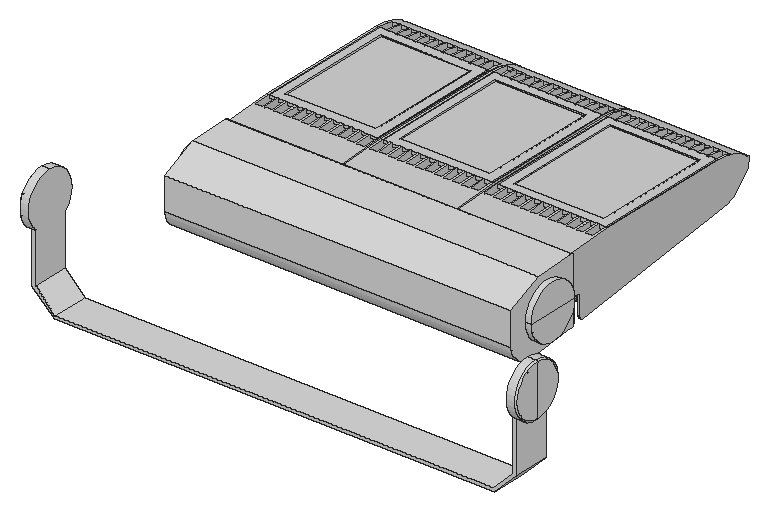
Revit family "0049125 Feilo Sylvania Lighting Fixture SYLVEO LED 30000LM WIDE 4K", category Lighting Fixtures, host Face, Revit 2017
Family settings
  Host = Face
  Round Connector Dimension = Use Diameter
  Part Type = Normal
  OmniClass Number = 23.80.70.00
  OmniClass Title = Lighting
  Cut with Voids When Loaded = No
  Light Source = No
  Shared = Yes
  Room Calculation Point = No
Parameters (values of type "0049125 SYLVEO LED 30000LM WIDE 4K")
  Weight = "15.852 kg"
  Wattage Comments = "n/a"
  WarrantyStartDate [instance] = "n/a"
  WarrantyGuarantorParts = "n/a"
  WarrantyDurationUnit = "n/a"
  WarrantyDurationParts = "n/a"
  WarrantyDescription = "n/a"
  Voltage = 230 V
  URL = "http://www.sylvania-lighting.com"
  TypeName = "SYLVEO LED 30000LM WIDE 4K"
  TypeBody_FEILO = Sylveo Extra Large Body : 0049125 SYLVEO LED 30000LM WIDE 4K
  Type Image = <None>
  Type Comments = "n/a"
  TotalWidth_FEILO = 648 mm
  TiltAngle_FEILO [instance] = 0.00°
  StartAngle_FEILO [instance] = -TiltAngle_FEILO  # 0.00°
  SerialNumber [instance] = "n/a"
  PowerFactor = 0
  PowerConsumption = "300.9 W"
  NominalWidth = 0 mm
  NominalLength = 648 mm
  NominalHeight = 392 mm
  Name = "SYLVEO LED 30000LM WIDE 4K"
  ModelReference = "SYLVEO LED 30000LM WIDE 4K"
  ModelNumber = "0049125"
  Material = "aluminium housing, glass diffuser"
  ManufacturerName = "Feilo Sylvania"
  LuminousEfficacy = "106.6 lm/W"
  LuminaireType = ""
  LightOutputRatio = "100"
  LampsType = Lamp  # "LED"
  LampNominalLuminous = "32076 lm"
  LampMacAdamStep = "6"
  LampColourTemperature = "4000 K"
  LampColourRenderingIndex = "70"
  InstallationDate [instance] = "n/a"
  InputVoltage = "100-240V~"
  InputNominalFrequency = "50 Hz"
  IngressProtection = "IP66"
  ImpactProtectionIndex = "IK08"
  IfcExportType = "IfcLightFixtureType"
  IfcExportAs = "IfcLightFixtureType"
  HingeHeight_FEILO = 121 mm
  HingeDia_FEILO = 70 mm
  ExpectedLife = 50000
  EndAngle_FEILO [instance] = StartAngle_FEILO + 180.00°  # 180.00°
  Material_3_FEILO = none
  Model = "SYLVEO LED 30000LM WIDE 4K"
  Manufacturer = "Feilo Sylvania"
  Lamp = "LED"
  Keynote = "16500"
  Material_2_FEILO = none
  ElectricShockClassification = "Class I"
  DurationUnit = "hours"
  DocumentationLiterature = "http://www.sylvania-lighting.com/product/en-int/products/0049125"
  DimmingControlOptions = "Non dimmable"
  Description = "Exterior LED Floodlight, comes complete with a 1000mm cable and adjustable bracket, aluminium housing, clear glass diffuser, IP66, IK08, Class I, 4000K, Non-dimming, 32076lm, 301W, 107lm/W, 8400mA, CRI70, 52° beam angle, 50000hrs, (LxWxD) 98x648x392mm"
  Default Elevation = 1219.2 mm
  CreatedOn = "12/18/2017"
  CreatedBy = ""
  Cost = 0
  built-in parameter 1114216 [instance] = (empty or 0)
  ClassificationValue = "EF_70_80"
  ClassificationName = "Uniclass2015"
  BracketWidth_FEILO = 48 mm
  BracketThickness_FEILO = 4.5 mm
  BracketInnerWidth_FEILO = 623 mm
  BracketFold_FEILO = 30 mm
  BracketExtrusionStart_FEILO = -BracketWidth_FEILO / 2  # -24 mm
  BracketExtrusionEnd_FEILO = BracketWidth_FEILO / 2  # 24 mm
  Material_1_FEILO = Body-Sylvania-Sylveo-Aluminium
  BarCode [instance] = "n/a"
  AssetType = "Fixed"
  AssetIdentifier [instance] = "n/a"
  Assembly Code = "D5020200"
  Apparent Load = 300.9 VA
  Material_4_FEILO = none
Reference planes
  plane 1 "Center (Front/Back)": y = 0
  plane 2: z = 0
  plane 3 "Center (Left/Right)": x = 0
  plane 4: x = 311.5
  plane 5: x = -311.5
  plane 6: z = 121
  plane 7: x = 324
  plane 8: x = -324
  plane 9: z = 156
  plane 10: z = 86
  plane 11: x = 322
  plane 12: x = -322
  plane 13: x = 316
  plane 14: x = -316
  plane 15: z = 4.5
  plane 16: z = 30
  plane 17: x = 286
  plane 18: x = -286
  plane 19: z = 88
Forms (mm)
  Extrusion 1, solid, material "Body-Sylvania-Sylveo-Aluminium" <- "Material_1_FEILO"
    sketch origin (0, 0, 0) x (1, 0, 0) y (0, 0, 1)
      loop
        line (0, 4.5) -> (0, 0) -> (286.828, 0) -> (316, 29.172) -> (316, 121) -> (311.5, 121) -> (311.5, 30) -> (286, 4.5) -> (0, 4.5)
    from -24 <- "BracketExtrusionStart_FEILO" to 24 <- "BracketExtrusionEnd_FEILO"
  Extrusion 2, solid, material "Body-Sylvania-Sylveo-Aluminium" <- "Material_1_FEILO"
    sketch origin (0, 0, 0) x (-1, 0, 0) y (0, 0, -1)
      loop
        line (0, -4.5) -> (286, -4.5) -> (311.5, -30) -> (311.5, -121) -> (316, -121) -> (316, -29.172) -> (286.828, 0) -> (0, 0) -> (0, -4.5)
    from -24 <- "BracketExtrusionStart_FEILO" to 24 <- "BracketExtrusionEnd_FEILO"
  Revolve 3, solid, material "Body-Sylvania-Sylveo-Aluminium" <- "Material_1_FEILO"
    sketch origin (0, 0, 0) x (1, 0, 0) y (0, 0, 1)
      loop
        line (-311.5, 121) -> (-324, 121) -> (-324, 88) -> (-322, 86) -> (-311.5, 86) -> (-311.5, 121)
      axis (-311.5, 121) -> (-324, 121)
    angle from 0 to 360
  Revolve 4, solid, material "Body-Sylvania-Sylveo-Aluminium" <- "Material_1_FEILO"
    sketch origin (0, 0, 0) x (-1, 0, 0) y (0, 0, 1)
      loop
        line (-311.5, 121) -> (-324, 121) -> (-324, 88) -> (-322, 86) -> (-311.5, 86) -> (-311.5, 121)
      axis (-311.5, 121) -> (-324, 121)
    angle from 0 to 360
  Revolve 5, solid, not visible
    sketch origin (181.107, 0, 121) x (1, 0, 0) y (0, 1, 0)
      loop
        line (-191.101, 0) -> (-171.112, 0) -> (-171.112, 10) -> (-191.101, 10) -> (-191.101, 0)
      axis (-171.112, 0) -> (-191.101, 0)
    angle from 0 <- "StartAngle_FEILO" to 180 <- "EndAngle_FEILO"
Cuts and joins
  joined: Extrusion 1, Extrusion 2, Revolve 3, Revolve 4
Dimensions and locks
  equal spacing: plane 5, plane 3 "Center (Left/Right)", plane 4
  "BracketInnerWidth_FEILO": plane 5 to plane 4
  equal spacing: plane 7, plane 3 "Center (Left/Right)", plane 8
  "TotalWidth_FEILO": plane 7 to plane 8
  "HingeHeight_FEILO": plane 2 to plane 6
  equal spacing: plane 10, plane 6, plane 9
  "HingeDia_FEILO": plane 10 to plane 9
  equal spacing: plane 11, plane 3 "Center (Left/Right)", plane 12
  equal spacing: plane 13, plane 3 "Center (Left/Right)", plane 14
  "BracketFold_FEILO": plane 2 to plane 16
  "BracketThickness_FEILO": plane 2 to plane 15
  equal spacing: plane 17, plane 3 "Center (Left/Right)", plane 18
  locked: plane 19 to plane 10 at 2
  locked: Revolve 5 sketch curve to Revolve 5 sketch curve at 10
  equal spacing: Revolve 5 sketch curve, plane 3 "Center (Left/Right)", Revolve 5 sketch curve
  locked: Revolve 5 sketch curve to Revolve 5 sketch curve at 19.988
  locked: plane 7 to plane 11 at 2
  "BracketFold_FEILO": plane 13 to plane 17
  "BracketThickness_FEILO": plane 4 to plane 13
  aligned and locked: plane 2 to host face
  aligned and locked: level to host face
  aligned and locked: plane 10 to Revolve 3 sketch curve
  aligned and locked: Revolve 3 sketch curve to plane 8
  aligned and locked: plane 5 to Revolve 3 sketch curve
  aligned and locked: Revolve 3 sketch curve to plane 6  (x2)
  aligned and locked: Revolve 5 sketch curve to plane 1 "Center (Front/Back)"
  aligned and locked: plane 3 "Center (Left/Right)" to nested 1
Automatic sketch dimensions
  host sketch curve to host sketch curve = 2438.4 mm  (x2)
  Extrusion 1 sketch curve to plane 3 "Center (Left/Right)" = 0 mm  (x2)
  Extrusion 1 sketch curve to level = 0 mm  (x2)
  Extrusion 1 sketch curve to plane 15 = 0 mm
  Extrusion 1 sketch curve to plane 17 = 0 mm
  plane 4 to Extrusion 1 sketch curve = 0 mm
  Extrusion 1 sketch curve to plane 13 = 0 mm  (x2)
  Extrusion 1 sketch curve to plane 6 = 0 mm  (x2)
  Extrusion 1 sketch curve to plane 16 = 0 mm
  plane 17 to Extrusion 1 sketch curve = 0.828 mm
  Extrusion 1 sketch curve to plane 16 = 0.828 mm
  Extrusion 2 sketch curve to plane 3 "Center (Left/Right)" = 0 mm  (x2)
  Extrusion 2 sketch curve to level = 0 mm  (x2)
  Extrusion 2 sketch curve to plane 15 = 0 mm
  plane 18 to Extrusion 2 sketch curve = 0 mm
  plane 5 to Extrusion 2 sketch curve = 0 mm
  plane 14 to Extrusion 2 sketch curve = 0 mm  (x2)
  Extrusion 2 sketch curve to plane 6 = 0 mm  (x2)
  Extrusion 2 sketch curve to plane 16 = 0 mm
  Extrusion 2 sketch curve to plane 18 = 0.828 mm
  plane 16 to Extrusion 2 sketch curve = 0.828 mm
  plane 12 to Revolve 3 sketch curve = 0 mm
  Revolve 3 sketch curve to plane 19 = 0 mm
  plane 8 to Revolve 3 sketch curve = 77.715 mm
  plane 7 to Revolve 3 sketch curve = 78.607 mm
  Revolve 4 sketch curve to plane 6 = 0 mm  (x2)
  Revolve 4 sketch curve to plane 7 = 0 mm
  Revolve 4 sketch curve to plane 10 = 0 mm
  Revolve 4 sketch curve to plane 11 = 0 mm
  plane 4 to Revolve 4 sketch curve = 0 mm
  Revolve 4 sketch curve to plane 19 = 0 mm
  Revolve 4 sketch curve to Revolve 4 sketch curve = 77.715 mm
  Revolve 4 sketch curve to plane 8 = 78.607 mm
  plane 1 "Center (Front/Back)" to Revolve 5 sketch curve = 0 mm
  plane 8 to Revolve 5 sketch curve = 1421.5 mm
  plane 7 to Revolve 5 sketch curve = 1421.5 mm
Nested families
  nested 1: "Sylveo Extra Large Body" at (0, 137.375, 121), type <- "TypeBody_FEILO", type "0049125 SYLVEO LED 30000LM WIDE 4K"
    with Apparent Load 300.9 VA
Connectors
  electrical at (0, 0, 0), driven by "Apparent Load"
    settings: index 1, voltage 230 V, apparent load 300.9 VA, apparent load phase1 0 VA, apparent load phase2 0 VA, apparent load phase3 0 VA, power factor 0, load classification "Lighting", number of poles 1, system type 30, power factor state 1, is connector primary yes, connector utility no, sub classification motor no, connector description ""
Definition of nested family "Sylveo Extra Large Body"
  Parameters (values of type "0049147 SYLVEO LED 20000LM RASYM 4K DALI ")
    Weight = "11.516 kg"
    Wattage Comments = ""
    Wattage = 202 W
    WarrantyStartDate [instance] = "n/a"
    WarrantyGuarantorParts = "n/a"
    WarrantyDurationUnit = "n/a"
    WarrantyDurationParts = "n/a"
    WarrantyDescription = "n/a"
    built-in parameter 1150110 = 1 (stored number, unit not read)
    Voltage = 230 V
    URL = "http://www.feilosylvania.com"
    TypeName = "SYLVEO LED 20000LM RASYM 4K DALI"
    Type Image = (empty or 0)
    Type Comments = "n/a"
    built-in parameter 1114217 = 1 (stored number, unit not read)
    Tilt Angle = -90.00°
    built-in parameter 1150109 = 1 (stored number, unit not read)
    built-in parameter 1150134 = 12
    built-in parameter 1150113 = 1 (stored number, unit not read)
    SerialNumber [instance] = "n/a"
    Photometric Web File = "0049147.ies"
    Material_3_FEILO = none
    PowerFactor = 0.95
    PowerConsumption = "202 W"
    NominalLength = 98 mm
    NominalHeight = 392 mm
    NominalDepth = 496 mm
    Name = "SYLVEO LED 20000LM RASYM 4K DALI"
    ModelReference = Name  # "SYLVEO LED 20000LM RASYM 4K DALI"
    ModelNumber = "0049147"
    Model = Name  # "SYLVEO LED 20000LM RASYM 4K DALI"
    Material = "aluminum housing, glass diffuser"
    ManufacturerName = "Feilo Sylvania"
    Manufacturer = "Feilo Sylvania"
    LuminousEfficacy = "106.6 lm/W"
    built-in parameter 1150105 = 11127.1 (stored number, unit not read)
    Lumens = 21533.2 lm
    LuminaireType = ""
    built-in parameter 1150115 = 1 (stored number, unit not read)
    LightOutputRatio = "1"
    built-in parameter 1150137 = (empty or 0)
    built-in parameter 1150139 = (empty or 0)
    LampsType = Lamp  # "LED"
    LampNominalLuminous = "21542 lm"
    LampMacAdamStep = "6"
    LampColourTemperature = "4000 K"
    LampColourRenderingIndex = "70"
    built-in parameter 1150112 = 1 (stored number, unit not read)
    built-in parameter 1150114 = 1 (stored number, unit not read)
    Lamp = "LED"
    Keynote = "16500"
    InstallationDate [instance] = "n/a"
    InputVoltage = "100-240V~"
    InputNominalFrequency = "50/60 Hz"
    built-in parameter 1150132 = (empty or 0)
    built-in parameter 1150102 = (empty or 0)
    built-in parameter 1150107 = 4000 (stored number, unit not read)
    built-in parameter 1150138 = (empty or 0)
    IngressProtection = "IP66"
    ImpactProtectionIndex = "IK08"
    built-in parameter 1150106 = 111.27 (stored number, unit not read)
    IfcExportType = "IfcLightFixtureType"
    IfcExportAs = "IfcLightFixtureType"
    ExpectedLife = 50000
    Emit from Rectangle Width = 156 mm
    Emit from Rectangle Length = 415.5 mm
    Emit Shape Visible in Rendering = no
    ElectricShockClassification = "Class I"
    built-in parameter 1150104 = 9.9035 (stored number, unit not read)
    DurationUnit = "hours"
    DocumentationLiterature = "http://www.feilosylvania.com/product/en-int/products/0049147"
    DimmingControlOptions = "Dimmable"
    Material_2_FEILO = none
    Dimming Lamp Color Temperature Shift = (empty or 0)
    Description = "Exterior LED floodlight, comes complete with a 1000mm cable and adjustable bracket, aluminium housing, clear glass diffuser, 21542lm, 201W, 107lm/W, 4000K, 5002mA, CRI70, 52°x117° beam angle, DALI dimmable, IP66, IK08, Class I, 50000hrs, (LxWxD) 98x496x392mm"
    Default Elevation = 1219.2 mm
    CreatedOn = "1/9/2018"
    CreatedBy = "aron.fodor@feilosylvania.com"
    Cost = 0
    Color Filter = 16777215
    built-in parameter 1114216 [instance] = (empty or 0)
    ClassificationValue = "EF_70_80"
    ClassificationName = "Uniclass2015"
    Material_1_FEILO = none
    BarCode [instance] = "n/a"
    built-in parameter 1114218 = 1 (stored number, unit not read)
    built-in parameter 1150133 = 10 (stored number, unit not read)
    AssetType = "Fixed"
    AssetIdentifier [instance] = "n/a"
    Assembly Code = "D5020200"
    Apparent Load = 202 VA
    Material_4_FEILO = none
  Types (9, lengths in mm): name | Weight | Wattage | TypeName | built-in parameter 1150134 | Photometric Web File | PowerFactor | PowerConsumption | NominalLength | NominalDepth | Name | ModelReference | ModelNumber | Model | Material | LuminousEfficacy | built-in parameter 1150105 | Lumens | LightOutputRatio | LampNominalLuminous | LampColourTemperature | InputNominalFrequency | built-in parameter 1150107 | built-in parameter 1150106 | built-in parameter 1150104 | DocumentationLiterature | DimmingControlOptions | Description | Apparent Load
    0049147 SYLVEO LED 20000LM RASYM 4K DALI | "11.516 kg" | 202 W | "SYLVEO LED 20000LM RASYM 4K DALI" | 12 | "0049147.ies" | 0.95 | "202 W" | 98 | 496 | "SYLVEO LED 20000LM RASYM 4K DALI" | "SYLVEO LED 20000LM RASYM 4K DALI" | "0049147" | "SYLVEO LED 20000LM RASYM 4K DALI" | "aluminum housing, glass diffuser" | "106.6 lm/W" | 11127.1 (stored number, unit not read) | 21533.2 lm | "1" | "21542 lm" | "4000 K" | "50/60 Hz" | 4000 (stored number, unit not read) | 111.27 (stored number, unit not read) | 9.9035 (stored number, unit not read) | "http://www.feilosylvania.com/product/en-int/products/0049147" | "Dimmable" | "Exterior LED floodlight, comes complete with a 1000mm cable and adjustable bracket, aluminium housing, clear glass diffuser, 21542lm, 201W, 107lm/W, 4000K, 5002mA, CRI70, 52°x117° beam angle, DALI dimmable, IP66, IK08, Class I, 50000hrs, (LxWxD) 98x496x392mm" | 202 VA
    0049146 SYLVEO LED 20000LM WIDE 4K DALI | "11.516 kg" | 200 W | "SYLVEO LED 20000LM WIDE 4K DALI" | 12 | "0049146.ies" | 0.95 | "200 W" | 98 | 496 | "SYLVEO LED 20000LM WIDE 4K DALI" | "SYLVEO LED 20000LM WIDE 4K DALI" | "0049146" | "SYLVEO LED 20000LM WIDE 4K DALI" | "aluminum housing, glass diffuser" | "106.4 lm/W" | 25856.7 (stored number, unit not read) | 21280 lm | "1" | "21281 lm" | "4000 K" | "50/60 Hz" | 4000 (stored number, unit not read) | 258.57 (stored number, unit not read) | 9.8849 (stored number, unit not read) | "http://www.feilosylvania.com/product/en-int/products/0049146" | "Dimmable" | "Exterior LED floodlight, comes complete with a 1000mm cable and adjustable bracket, aluminium housing, clear glass diffuser, 21281lm, 200W, 106lm/W, 4000K, 5002mA, CRI70, 52° beam angle, DALI dimmable, IP66, IK08, Class I, 50000hrs, (LxWxD) 98x496x392mm" | 200 VA
    0049145 SYLVEO LED 20000LM NAR 4K DALI | "11.516 kg" | 201 W | "SYLVEO LED 20000LM NAR 4K DALI" | 12 | "0049145.ies" | 0.95 | "201 W" | 98 | 496 | "SYLVEO LED 20000LM NAR 4K DALI" | "SYLVEO LED 20000LM NAR 4K DALI" | "0049145" | "SYLVEO LED 20000LM NAR 4K DALI" | "aluminum housing, glass diffuser" | "107.5 lm/W" | 50417.9 (stored number, unit not read) | 21607.5 lm | "1" | "21605 lm" | "4000 K" | "50/60 Hz" | 4000 (stored number, unit not read) | 504.18 (stored number, unit not read) | 9.9871 (stored number, unit not read) | "http://www.feilosylvania.com/product/en-int/products/0049145" | "Dimmable" | "Exterior LED floodlight, comes complete with a 1000mm cable and adjustable bracket, aluminium housing, clear glass diffuser, 21605lm, 201W, 108lm/W, 4000K, 5002mA, CRI70, 30° beam angle, DALI dimmable, IP66, IK08, Class I, 50000hrs, (LxWxD) 98x496x392mm" | 201 VA
    0049123 SYLVEO LED 20000LM RASYM 3K | "11.516 kg" | 201.3 W | "SYLVEO LED 20000LM RASYM 3K" | (empty or 0) | "0049123.ies" | 0 | "201.3 W" | 496 | 98 | "SYLVEO LED 20000LM RASYM 3K" | "SYLVEO LED 20000LM RASYM 3K" | "0049123" | "SYLVEO LED 20000LM RASYM 3K" | "aluminium housing, glass diffuser" | "102.5 lm/W" | 10660.6 (stored number, unit not read) | 20633.3 lm | "100" | "20639 lm" | "3000 K" | "50 Hz" | 3000 (stored number, unit not read) | 106.61 (stored number, unit not read) | 9.5226 (stored number, unit not read) | "http://www.feilosylvania.com/product/en-int/products/0049123" | "Non dimmable" | "Exterior LED Floodlight, comes complete with a 1000mm cable and adjustable bracket, aluminium housing, clear glass diffuser, IP66, IK08, Class I, 3000K, Non-dimming, 20639lm, 201W, 103lm/W, 4800mA, CRI70, 52°x117° beam angle, 50000hrs, (LxWxD) 98x496x392mm, Asmmetric" | 201.3 VA
    0049122 SYLVEO LED 20000LM WIDE 3K | "11.5 kg" | 201.3 W | "SYLVEO LED 20000LM WIDE 3K" | (empty or 0) | "0049122.ies" | 0 | "201.3 W" | 496 | 98 | "SYLVEO LED 20000LM WIDE 3K" | "SYLVEO LED 20000LM WIDE 3K" | "0049122" | "SYLVEO LED 20000LM WIDE 3K" | "aluminium housing, glass diffuser" | "102.5 lm/W" | 25192 (stored number, unit not read) | 20633.3 lm | "100" | "20633 lm" | "3000 K" | "50 Hz" | 3000 (stored number, unit not read) | 251.92 (stored number, unit not read) | 9.5226 (stored number, unit not read) | "http://www.feilosylvania.com/product/en-int/products/0049122" | "Non dimmable" | "Exterior LED Floodlight, comes complete with a 1000mm cable and adjustable bracket, aluminium housing, clear glass diffuser, IP66, IK08, Class I, 3000K, Non-dimming, 20633lm, 201W, 103lm/W, 4800mA, CRI70, 52° beam angle, 50000hrs, (LxWxD) 98x496x392mm" | 201.3 VA
    0049121 SYLVEO LED 20000LM NAR 3K | "11.552 kg" | 200.6 W | "SYLVEO LED 20000LM NAR 3K" | (empty or 0) | "0049121.ies" | 0 | "200.6 W" | 496 | 98 | "SYLVEO LED 20000LM NAR 3K" | "SYLVEO LED 20000LM NAR 3K" | "0049121" | "SYLVEO LED 20000LM NAR 3K" | "aluminium housing, glass diffuser" | "103.9 lm/W" | 50639 (stored number, unit not read) | 20842.3 lm | "100" | "20834 lm" | "3000 K" | "50 Hz" | 3000 (stored number, unit not read) | 506.39 (stored number, unit not read) | 9.6526 (stored number, unit not read) | "http://www.feilosylvania.com/product/en-int/products/0049121" | "Non dimmable" | "Exterior LED Floodlight, comes complete with a 1000mm cable and adjustable bracket, aluminium housing, clear glass diffuser, IP66, IK08, Class I, 3000K, Non-dimming, 20834lm, 201W, 104lm/W, 4800mA, CRI70, 30° beam angle, 50000hrs, (LxWxD) 98x496x392mm" | 200.6 VA
    0049120 SYLVEO LED 20000LM RASYM 4K | "11.318 kg" | 200.6 W | "SYLVEO LED 20000LM RASYM 4K" | 12 | "0049120.ies" | 0 | "200.6 W" | 496 | 98 | "SYLVEO LED 20000LM RASYM 4K" | "SYLVEO LED 20000LM RASYM 4K" | "0049120" | "SYLVEO LED 20000LM RASYM 4K" | "aluminium housing, glass diffuser" | "107.4 lm/W" | 11131.4 (stored number, unit not read) | 21544.4 lm | "100" | "21546 lm" | "4000 K" | "50 Hz" | 4000 (stored number, unit not read) | 111.31 (stored number, unit not read) | 9.9778 (stored number, unit not read) | "http://www.feilosylvania.com/product/en-int/products/0049120" | "Non dimmable" | "Exterior LED Floodlight, comes complete with a 1000mm cable and adjustable bracket, aluminium housing, clear glass diffuser, IP66, IK08, Class I, 4000K, Non-dimming, 21546lm, 201W, 107lm/W, 4800mA, CRI70, 52°x117° beam angle, 50000hrs, (LxWxD) 98x496x392mm" | 200.6 VA
    0049119 SYLVEO LED 20000LM WIDE 4K | "11.472 kg" | 200.5 W | "SYLVEO LED 20000LM WIDE 4K" | 12 | "0049119.ies" | 0 | "200.5 W" | 496 | 98 | "SYLVEO LED 20000LM WIDE 4K" | "SYLVEO LED 20000LM WIDE 4K" | "0049119" | "SYLVEO LED 20000LM WIDE 4K" | "aluminium housing, glass diffuser" | "107.3 lm/W" | 27146.8 (stored number, unit not read) | 21513.6 lm | "100" | "21514 lm" | "4000 K" | "50 Hz" | 4000 (stored number, unit not read) | 271.47 (stored number, unit not read) | 9.9685 (stored number, unit not read) | "http://www.feilosylvania.com/product/en-int/products/0049119" | "Non dimmable" | "Exterior LED Floodlight, comes complete with a 1000mm cable and adjustable bracket, aluminium housing, clear glass diffuser, IP66, IK08, Class I, 4000K, Non-dimming, 21514lm, 201W, 107lm/W, 4800mA, CRI70, 52° beam angle, 50000hrs, (LxWxD) 98x496x392mm" | 200.5 VA
    0049118 SYLVEO LED 20000LM NAR 4K | "11.496 kg" | 201.2 W | "SYLVEO LED 20000LM NAR 4K" | 12 | "0049118.ies" | 0 | "201.2 W" | 496 | 98 | "SYLVEO LED 20000LM NAR 4K" | "SYLVEO LED 20000LM NAR 4K" | "0049118" | "SYLVEO LED 20000LM NAR 4K" | "aluminium housing, glass diffuser" | "107.4 lm/W" | 52850.4 (stored number, unit not read) | 21608.9 lm | "100" | "21609 lm" | "4000 K" | "50 Hz" | 4000 (stored number, unit not read) | 528.5 (stored number, unit not read) | 9.9778 (stored number, unit not read) | "http://www.feilosylvania.com/product/en-int/products/0049118" | "Non dimmable" | "Exterior LED Floodlight, comes complete with a 1000mm cable and adjustable bracket, aluminium housing, clear glass diffuser, IP66, IK08, Class I, 4000K, Non-dimming, 21609lm, 201W, 107lm/W, 4000K, 4800mA, CRI70, 30° beam angle, 50000hrs, (LxWxD) 98x496x392mm" | 201.2 VA
  Reference planes
    plane 1 "Center (Front/Back)": y = 0
    plane 2: z = 0
    plane 3 "Center (Left/Right)": x = 0
    plane 4: x = 248
    plane 5: x = -248
    plane 6: x = 225.5
    plane 7: x = -225.5
    plane 8: y = 35
    plane 9: x = -234
    plane 10: x = 234
    plane 11: y = 43
    plane 12: y = -12
    plane 13: y = -58
    plane 14: z = 46
    plane 15: z = 43
    plane 16: z = 23
    plane 17: z = -20
    plane 18: y = -23
    plane 19: z = -40
    plane 20: z = -47
    plane 21: x = -149
    plane 22: x = 149
  Forms (mm)
    Extrusion 1, solid
      sketch origin (4.2, 0, 0) x (1, 0, 0) y (0, 1, 0)
        loop
          line (-1219.2, 1219.2) -> (-1219.2, -1219.2) -> (1219.2, -1219.2) -> (1219.2, 1219.2) -> (-1219.2, 1219.2)
      from 0 to -68.017
    Extrusion 2, solid, material <- "Material_1_FEILO"
      sketch origin (0, 0, 0) x (0, 1, 0) y (0, 0, 1)
        loop
          line (41.418, 45.914) -> (-12, 43)
          arc (-12, 43) -> (-35.432, 33.994) -> (-58, 23) r 290.694
          line (-58, 23) -> (-58, -20)
          arc (-58, -20) -> (-45.914, -40.518) -> (-23, -47) r 31.99
          line (-23, -47) -> (40.738, -40.24)
          arc (40.738, -40.24) -> (42.351, -39.416) -> (43, -37.725) r 2.529
          line (43, -37.725) -> (43, 44.416)
          arc (43, 44.416) -> (42.531, 45.505) -> (41.418, 45.914) r 1.5
      from -225.5 to 225.5
    Revolve 3, solid, material <- "Material_1_FEILO"
      sketch origin (0, 0, 0) x (1, 0, 0) y (0, 1, 0)
        loop
          line (-234, 35) -> (-234, 0) -> (-225.5, 0) -> (-225.5, 35) -> (-234, 35)
        loop
          line (234, 0) -> (234, 35) -> (225.5, 35) -> (225.5, 0) -> (234, 0)
        axis (234, 0) -> (-234, 0)
      angle from 360 to 0
  Cuts and joins
    joined: Extrusion 2, Revolve 3
  Dimensions and locks
    equal spacing: plane 5, plane 3 "Center (Left/Right)", plane 4
    locked: plane 5 to plane 4 at 496
    equal spacing: plane 7, plane 3 "Center (Left/Right)", plane 6
    locked: plane 5 to plane 7 at 22.5
    plane 1 "Center (Front/Back)" to plane 8 = 35 mm
    equal spacing: plane 9, plane 3 "Center (Left/Right)", plane 10
    locked: plane 9 to plane 10 at 468
    plane 13 to plane 18 to plane 12 to plane 1 "Center (Front/Back)" to plane 8 to plane 11 = 35 mm locked, 11 mm locked, 12 mm locked, 35 mm locked, 8 mm locked
    plane 14 to plane 15 to plane 16 to plane 2 to plane 17 to plane 19 = 3 mm locked, 20 mm locked, 23 mm locked, 20 mm locked, 20 mm locked
    locked: plane 20 to plane 19 at 7
    equal spacing: plane 21, plane 3 "Center (Left/Right)", plane 22
    locked: plane 21 to plane 3 "Center (Left/Right)" at 149
    aligned and locked: plane 2 to Extrusion 1
    aligned and locked: level to Extrusion 1
    aligned and locked: Extrusion 2 sketch curve to plane 11
    aligned and locked: plane 13 to Extrusion 2 sketch curve
    aligned and locked: plane 6 to Extrusion 2
    aligned and locked: Extrusion 2 to plane 7
    aligned and locked: plane 8 to Revolve 3 sketch curve  (x2)
    aligned and locked: plane 9 to Revolve 3 sketch curve
    aligned and locked: Revolve 3 sketch curve to plane 1 "Center (Front/Back)"  (x3)
    aligned and locked: Revolve 3 sketch curve to plane 7
    aligned and locked: Revolve 3 sketch curve to plane 10
    aligned and locked: plane 6 to Revolve 3 sketch curve
    aligned and locked: plane 2 to nested 1
    aligned and locked: plane 3 "Center (Left/Right)" to nested 1
    aligned and locked: plane 21 to nested 3
    aligned and locked: plane 22 to nested 2
    aligned and locked: plane 2 to nested 2
    aligned and locked: plane 2 to nested 3
    aligned and locked: imposter light to nested 2
    aligned and locked: imposter light to nested 1
    aligned and locked: imposter light to plane 3 "Center (Left/Right)"
  Automatic sketch dimensions
    Extrusion 1 sketch curve to Extrusion 1 sketch curve = 2438.4 mm  (x2)
    Extrusion 2 sketch curve to plane 18 = 0 mm
    Extrusion 2 sketch curve to plane 12 = 0 mm
    plane 20 to Extrusion 2 sketch curve = 0 mm
    plane 17 to Extrusion 2 sketch curve = 0 mm
    plane 16 to Extrusion 2 sketch curve = 0 mm
    plane 15 to Extrusion 2 sketch curve = 0 mm
    plane 18 to Extrusion 2 sketch curve = 3.374 mm
    Extrusion 2 sketch curve to Extrusion 2 sketch curve = 2.529 mm
    plane 19 to Extrusion 2 sketch curve = 0.24 mm
    plane 11 to Extrusion 2 sketch curve = 2.262 mm
    plane 14 to Extrusion 2 sketch curve = 0.086 mm
    plane 11 to Extrusion 2 sketch curve = 1.582 mm
    Extrusion 2 sketch curve to plane 15 = 1.416 mm
    Extrusion 2 sketch curve to plane 11 = 37.475 mm
    Revolve 3 sketch curve to plane 5 = 1276 mm
    plane 4 to Revolve 3 sketch curve = 1276 mm
  Nested families
    nested 1: "Sylveo Extra Large Screen Module" at (0, 43, 48) x (1, 0, 0) z (0, 1, 0), type "Type Name"
    nested 2: "Sylveo Extra Large Screen Module" at (149, 43, 48) x (1, 0, 0) z (0, 1, 0), type "Type Name"
    nested 3: "Sylveo Extra Large Screen Module" at (-149, 43, 48) x (1, 0, 0) z (0, 1, 0), type "Type Name"
  Definition of nested family "Sylveo Extra Large Screen Module"
    Parameters (values of type "Type Name")
      URL = "http://www.feilosylvania.com"
      Type Image = (empty or 0)
      Type Comments = "n/a"
      Material_3_FEILO = none
      Model = ""
      Manufacturer = "Feilo Sylvania"
      Keynote = ""
      Material_2_FEILO = none
      Description = ""
      Default Elevation = 1219.2 mm
      Cost = 0
      Material_1_FEILO = none
      Assembly Code = ""
      Material_4_FEILO = none
    Reference planes
      plane 1 "Center (Front/Back)": y = 0
      plane 2: z = 0
      plane 3 "Center (Left/Right)": x = 0
      plane 4: x = 73.5
      plane 5: x = -73.5
      plane 6: z = 290
      plane 7: z = 262.5
      plane 8: z = 241.5
      plane 9: z = 229.5
      plane 10: x = -71
      plane 11: x = 71
      plane 12: x = -59
      plane 13: x = 59
      plane 14: z = 61.5
      plane 15: z = 73.5
      plane 16: y = 16
      plane 17: y = 31
      plane 18: y = 56
      plane 19: y = 88
      plane 20: z = 16
      plane 21: z = 6
      plane 22: y = 4
      plane 23: x = -61.5
      plane 24: x = -49.5
      plane 25: x = -47
      plane 26: x = -37.5
      plane 27: x = -35
      plane 28: x = -25.5
      plane 29: x = -23
      plane 30: x = -13.5
      plane 31: x = -11
      plane 32: x = -1.5
      plane 33: x = 1
      plane 34: x = 10.5
      plane 35: x = 13
      plane 36: x = 22.5
      plane 37: x = 25
      plane 38: x = 34.5
      plane 39: x = 37
      plane 40: x = 46.5
      plane 41: x = 49
      plane 42: x = 58.5
      plane 43: x = 61
      plane 44: z = 40.5
      plane 45: y = 92
      plane 46: y = 48
      plane 47: z = 30.5
      plane 48: y = 1
      plane 49: z = 151.5
    Forms (mm)
      Extrusion 1, solid
        sketch origin (4.2, 0, 0) x (1, 0, 0) y (0, 1, 0)
          loop
            line (-1219.2, 1219.2) -> (-1219.2, -1219.2) -> (1219.2, -1219.2) -> (1219.2, 1219.2) -> (-1219.2, 1219.2)
        from 0 to -68.017
      Extrusion 2, solid, material <- "Material_1_FEILO", detail levels medium+fine
        sketch origin (0, 0, 0) x (0, 1, 0) y (0, 0, 1)
          loop
            line (0, 241.5) -> (0, 61.5) -> (4, 0) -> (88, 0) -> (88, 5)
            arc (88, 5) -> (87.707, 5.707) -> (87, 6) r 1
            line (87, 6) -> (58, 6)
            arc (58, 6) -> (56.586, 6.586) -> (56, 8) r 2
            line (56, 8) -> (56, 14)
            arc (56, 14) -> (56.586, 15.414) -> (58, 16) r 2
            line (58, 16) -> (82.836, 16)
            arc (82.836, 16) -> (86.711, 17.379) -> (88.136, 21.237) r 4.853
            arc (88.136, 21.237) -> (75.429, 138.984) -> (57.18, 256.001) r 2509.59
            arc (57.18, 256.001) -> (55.179, 262.077) -> (51.577, 267.365) r 22.945
            line (51.577, 267.365) -> (31, 290) -> (16, 290)
            arc (16, 290) -> (4.103, 267.036) -> (0, 241.5) r 81.508
        from -73.5 to 73.5
      Extrusion 3, void
        sketch origin (0, 0, 0) x (1, 0, 0) y (0, 0, 1)
          loop
            line (-71, 262.5) -> (-71, 40.5) -> (-61.5, 40.5) -> (-61.5, 262.5) -> (-71, 262.5)
          loop
            line (-59, 262.5) -> (-59, 40.5) -> (-49.5, 40.5) -> (-49.5, 262.5) -> (-59, 262.5)
          loop
            line (-47, 262.5) -> (-47, 40.5) -> (-37.5, 40.5) -> (-37.5, 262.5) -> (-47, 262.5)
          loop
            line (-35, 262.5) -> (-35, 40.5) -> (-25.5, 40.5) -> (-25.5, 262.5) -> (-35, 262.5)
          loop
            line (-23, 262.5) -> (-23, 40.5) -> (-13.5, 40.5) -> (-13.5, 262.5) -> (-23, 262.5)
          loop
            line (-11, 262.5) -> (-11, 40.5) -> (-1.5, 40.5) -> (-1.5, 262.5) -> (-11, 262.5)
          loop
            line (1, 262.5) -> (1, 40.5) -> (10.5, 40.5) -> (10.5, 262.5) -> (1, 262.5)
          loop
            line (13, 262.5) -> (13, 40.5) -> (22.5, 40.5) -> (22.5, 262.5) -> (13, 262.5)
          loop
            line (25, 262.5) -> (25, 40.5) -> (34.5, 40.5) -> (34.5, 262.5) -> (25, 262.5)
          loop
            line (37, 262.5) -> (37, 40.5) -> (46.5, 40.5) -> (46.5, 262.5) -> (37, 262.5)
          loop
            line (49, 262.5) -> (49, 40.5) -> (58.5, 40.5) -> (58.5, 262.5) -> (49, 262.5)
          loop
            line (61, 262.5) -> (61, 40.5) -> (71, 40.5) -> (71, 262.5) -> (61, 262.5)
        from -88 to 0
      Extrusion 4, void
        sketch origin (0, 0, 0) x (0, 1, 0) y (0, 0, 1)
          loop
            line (83.385, 40.5) -> (48, 40.5) -> (48, 6) -> (92, 6) -> (92, 43.121) -> (85.747, 43.121)
            arc (85.747, 43.121) -> (85.149, 41.285) -> (83.385, 40.5) r 2.374
        from -71 to 71
      Extrusion 5, solid, material <- "Material_1_FEILO", detail levels coarse
        sketch origin (0, 0, 0) x (0, 1, 0) y (0, 0, 1)
          loop
            line (51.577, 267.365) -> (31, 290) -> (16, 290)
            arc (16, 290) -> (4.103, 267.036) -> (0, 241.5) r 81.508
            line (0, 241.5) -> (0, 61.5) -> (4, 0) -> (88, 0) -> (88, 5)
            arc (88, 5) -> (87.707, 5.707) -> (87, 6) r 1
            line (87, 6) -> (58, 6)
            arc (58, 6) -> (56.586, 6.586) -> (56, 8) r 2
            line (56, 8) -> (56, 14)
            arc (56, 14) -> (56.586, 15.414) -> (58, 16) r 2
            line (58, 16) -> (82.836, 16)
            arc (82.836, 16) -> (86.711, 17.379) -> (88.136, 21.237) r 4.853
            arc (88.136, 21.237) -> (75.429, 138.984) -> (57.18, 256.001) r 2509.59
            arc (57.18, 256.001) -> (55.179, 262.077) -> (51.577, 267.365) r 22.945
        from -73.5 to 73.5
      Extrusion 6, void
        sketch origin (0, 0, 0) x (1, 0, 0) y (0, 0, 1)
          loop
            line (-71, 241.5) -> (-71, 61.5) -> (71, 61.5) -> (71, 241.5) -> (-71, 241.5)
        from 0 to -4
      Extrusion 7, solid, material <- "Material_1_FEILO"
        sketch origin (0, 0, 0) x (1, 0, 0) y (0, 0, 1)
          loop
            line (-71, 241.5) -> (-71, 61.5) -> (71, 61.5) -> (71, 241.5) -> (-71, 241.5)
          loop
            line (-59, 229.5) -> (-59, 73.5) -> (58.5, 73.5) -> (58.5, 229.5) -> (-59, 229.5)
        from -4 to 0
      Extrusion 8, solid, material <- "Material_2_FEILO"
        sketch origin (0, 0, 0) x (1, 0, 0) y (0, 0, 1)
          loop
            line (-59, 229.5) -> (-59, 73.5) -> (58.5, 73.5) -> (58.5, 229.5) -> (-59, 229.5)
        from -1 to -4
    Cuts and joins
      Extrusion 3, Extrusion 4, Extrusion 6 cuts Extrusion 2
      Extrusion 4, Extrusion 6 cuts Extrusion 5
    Dimensions and locks
      plane 1 "Center (Front/Back)" to plane 16 to plane 17 to plane 18 to plane 19 = 16 mm locked, 15 mm locked, 25 mm locked, 32 mm locked
      plane 7 to plane 8 to plane 9 to plane 15 to plane 14 to plane 20 to plane 21 to plane 2 = 21 mm locked, 12 mm locked, 156 mm locked, 12 mm locked, 45.5 mm locked, 10 mm locked, 6 mm locked
      locked: plane 1 "Center (Front/Back)" to plane 22 at 4
      equal spacing: plane 4, plane 3 "Center (Left/Right)", plane 5
      locked: plane 4 to plane 5 at 147
      plane 11 to plane 43 to plane 42 to plane 41 to plane 40 to plane 39 to plane 38 to plane 37 to plane 36 to plane 35 to plane 34 to plane 33 to plane 32 to plane 31 to plane 30 to plane 29 to plane 28 to plane 27 to plane 26 to plane 25 to plane 24 to plane 12 to plane 23 to plane 10 to plane 5 = 10 mm locked, 2.5 mm locked, 9.5 mm locked, 2.5 mm locked, 9.5 mm locked, 2.5 mm locked, 9.5 mm locked, 2.5 mm locked, 9.5 mm locked, 2.5 mm locked, 9.5 mm locked, 2.5 mm locked, 9.5 mm locked, 2.5 mm locked, 9.5 mm locked, 2.5 mm locked, 9.5 mm locked, 2.5 mm locked, 9.5 mm locked, 2.5 mm locked, 9.5 mm locked, 2.5 mm locked, 9.5 mm locked, 2.5 mm locked
      plane 6 to plane 2 = 290 mm
      plane 6 to plane 7 = 27.5 mm
      plane 7 to plane 8 = 21 mm
      plane 8 to plane 9 = 12 mm
      plane 8 to plane 14 = 180 mm
      plane 15 to plane 14 = 12 mm
      locked: plane 14 to plane 44 at 21
      locked: plane 19 to plane 45 at 4
      locked: plane 46 to plane 18 at 8
      locked: plane 20 to plane 47 at 14.5
      locked: plane 1 "Center (Front/Back)" to plane 48 at 1
      equal spacing: plane 9, plane 49, plane 15
      aligned and locked: plane 2 to Extrusion 1
      aligned and locked: level to Extrusion 1
      aligned and locked: plane 1 "Center (Front/Back)" to Extrusion 2 sketch curve  (x2)
      aligned and locked: plane 16 to Extrusion 2 sketch curve
      aligned and locked: plane 6 to Extrusion 2 sketch curve  (x2)
      aligned and locked: plane 17 to Extrusion 2 sketch curve
      aligned and locked: plane 20 to Extrusion 2 sketch curve
      aligned and locked: Extrusion 2 sketch curve to plane 18
      aligned and locked: Extrusion 2 sketch curve to plane 21
      aligned and locked: Extrusion 2 sketch curve to plane 19
      aligned and locked: Extrusion 2 sketch curve to plane 2
      aligned and locked: plane 22 to Extrusion 2 sketch curve
      aligned and locked: plane 14 to Extrusion 2 sketch curve
      aligned and locked: Extrusion 2 to plane 5
      aligned and locked: plane 7 to Extrusion 3 sketch curve  (x12)
      aligned and locked: plane 10 to Extrusion 3 sketch curve
      aligned and locked: Extrusion 3 sketch curve to plane 44  (x12)
      aligned and locked: Extrusion 3 sketch curve to plane 23
      aligned and locked: plane 12 to Extrusion 3 sketch curve
      aligned and locked: Extrusion 3 sketch curve to plane 24
      aligned and locked: plane 25 to Extrusion 3 sketch curve
      aligned and locked: Extrusion 3 sketch curve to plane 26
      aligned and locked: plane 27 to Extrusion 3 sketch curve
      aligned and locked: Extrusion 3 sketch curve to plane 28
      aligned and locked: plane 29 to Extrusion 3 sketch curve
      aligned and locked: Extrusion 3 sketch curve to plane 30
      aligned and locked: plane 31 to Extrusion 3 sketch curve
      aligned and locked: Extrusion 3 sketch curve to plane 32
      aligned and locked: Extrusion 3 sketch curve to plane 34
      aligned and locked: plane 33 to Extrusion 3 sketch curve
      aligned and locked: plane 35 to Extrusion 3 sketch curve
      aligned and locked: Extrusion 3 sketch curve to plane 36
      aligned and locked: plane 37 to Extrusion 3 sketch curve
      aligned and locked: Extrusion 3 sketch curve to plane 38
      aligned and locked: plane 39 to Extrusion 3 sketch curve
      aligned and locked: Extrusion 3 sketch curve to plane 40
      aligned and locked: plane 41 to Extrusion 3 sketch curve
      aligned and locked: Extrusion 3 sketch curve to plane 42
      aligned and locked: plane 43 to Extrusion 3 sketch curve
      aligned and locked: Extrusion 3 sketch curve to plane 11
      aligned and locked: Extrusion 3 to plane 19
      aligned and locked: plane 1 "Center (Front/Back)" to Extrusion 3
      aligned and locked: Extrusion 4 sketch curve to plane 44
      aligned and locked: plane 21 to Extrusion 4 sketch curve
      aligned and locked: Extrusion 4 sketch curve to plane 45
      aligned and locked: Extrusion 4 to plane 10
      aligned and locked: plane 11 to Extrusion 4
      aligned and locked: plane 46 to Extrusion 4 sketch curve
      aligned and locked: Extrusion 5 sketch curve to cut or joined group of Extrusion 2, Extrusion 3, Extrusion 4, Extrusion 6  (x9)
      aligned and locked: plane 4 to Extrusion 5
      aligned and locked: Extrusion 5 to plane 5
      aligned and locked: Extrusion 6 to plane 22
      aligned and locked: plane 1 "Center (Front/Back)" to Extrusion 6
      aligned and locked: Extrusion 7 sketch curve to cut or joined group of Extrusion 4, Extrusion 5, Extrusion 6  (x2)
      aligned and locked: Extrusion 7 sketch curve to cut or joined group of Extrusion 2, Extrusion 3, Extrusion 4, Extrusion 6  (x2)
      aligned and locked: plane 9 to Extrusion 7 sketch curve
      aligned and locked: Extrusion 7 sketch curve to plane 15
      aligned and locked: Extrusion 7 sketch curve to plane 42
      aligned and locked: plane 1 "Center (Front/Back)" to Extrusion 7
      aligned and locked: Extrusion 7 to plane 22
      aligned and locked: Extrusion 8 sketch curve to Extrusion 7  (x4)
      aligned and locked: Extrusion 8 to plane 22
      aligned and locked: plane 48 to Extrusion 8
    Automatic sketch dimensions
      Extrusion 1 sketch curve to Extrusion 1 sketch curve = 2438.4 mm  (x2)
      plane 8 to Extrusion 2 sketch curve = 0 mm
      Extrusion 2 sketch curve to level = 189.095 mm
      plane 1 "Center (Front/Back)" to Extrusion 2 sketch curve = 2412.624 mm
      Extrusion 2 sketch curve to plane 17 = 3.599 mm
      plane 18 to Extrusion 2 sketch curve = 4.423 mm
      Extrusion 2 sketch curve to Extrusion 2 sketch curve = 2 mm
      Extrusion 2 sketch curve to plane 18 = 2 mm
      plane 19 to Extrusion 2 sketch curve = 5.164 mm
      plane 19 to Extrusion 2 sketch curve = 4.699 mm
      Extrusion 2 sketch curve to Extrusion 2 sketch curve = 1 mm
      Extrusion 2 sketch curve to plane 20 = 4.831 mm
      Extrusion 2 sketch curve to plane 8 = 10.431 mm
      Extrusion 2 sketch curve to plane 7 = 4.865 mm
      Extrusion 2 sketch curve to Extrusion 2 sketch curve = 0 mm
      plane 19 to Extrusion 4 sketch curve = 4.615 mm
      plane 19 to Extrusion 4 sketch curve = 2.253 mm
      Extrusion 4 sketch curve to Extrusion 4 sketch curve = 2.374 mm
      Extrusion 5 sketch curve to level = 0 mm
      Extrusion 5 sketch curve to plane 22 = 0 mm
      plane 14 to Extrusion 5 sketch curve = 0 mm
      Extrusion 5 sketch curve to plane 46 = 3.577 mm
      Extrusion 5 sketch curve to plane 17 = 0 mm
      Extrusion 6 sketch curve to plane 10 = 0 mm
      Extrusion 6 sketch curve to plane 11 = 0 mm
      Extrusion 6 sketch curve to plane 14 = 0 mm
      Extrusion 6 sketch curve to plane 8 = 0 mm
      Extrusion 7 sketch curve to plane 12 = 0 mm
